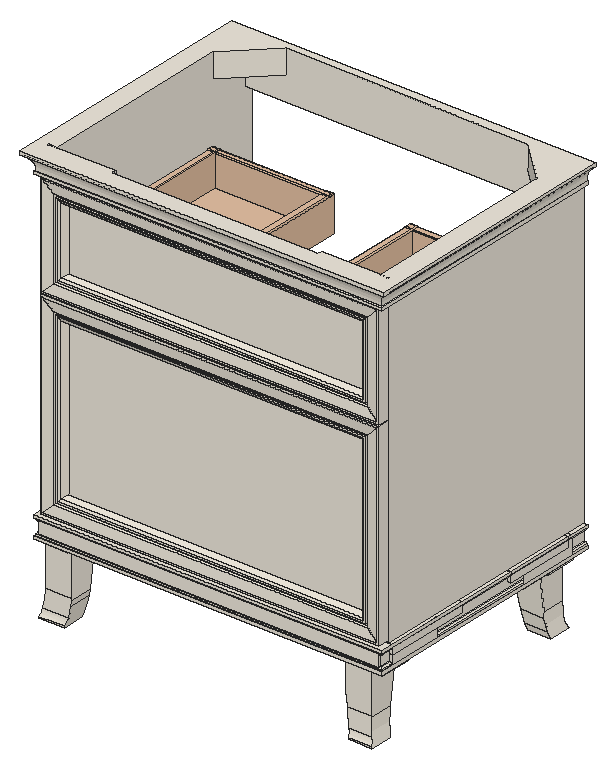
Revit family "Furniture-Floor_Mount-Vanity-KOHLER-Artifacts-K-29480_1", category Casework, host Face, Revit 2021
Family settings
  Host = Face
  OmniClass Number = 23.21.19.00
  Cut with Voids When Loaded = No
  Shared = No
  Room Calculation Point = No
Parameters (values of type "1WA-Linen White")
  Width = 30"  # constant formula
  WaterSense Certified = 1 = 0  # no
  URL = "https://www.us.kohler.com/us/"
  Type = 1
  Product Page URL = "http://www.us.kohler.com/us/catalog/productDetails.jsp?productNumber=29480"
  Product Name = "Artifacts"  # constant formula
  Product Documentation Link = "https://www.us.kohler.com/webassets/kpna/catalog/pdf/en/K-29480_spec_US-CA_Kohler_en.pdf"
  Model = if(Type = 1, "K-29480-1WA", if(Type = 2, "K-29480-1WX", if(Type = 3, "K-29480-AGA", if(Type = 4, "K-29480-BWK", if(Type = 5, "K-29480-WEK", "NA")))))  # "K-29480-1WA"
  Material = "Solid Wood\r\n"  # constant formula
  Master Format 2014 Name = "Bathroom Casework"  # constant formula
  Master Format 2014 = "12 35 30.23"  # constant formula
  Manufacturer Address = "444 Highland Dr, Kohler, WI 53044"  # constant formula
  Manufacturer = "Kohler Co."  # constant formula
  Product Finish = Kohler-Wood-1WA-Linen_White
  Height = 34 155/256"  # constant formula
  Hardware Included = 0 = 1  # no
  Finish = if(Type = 1, "Kohler-Wood-1WA-Linen White", if(Type = 2, "Kohler-Wood-1WX-New_Dark_Grey", if(Type = 3, "KOHLER-Wood-AGA-Ash_Grey", if(Type = 4, "KOHLER-Wood-BWK-Carbon_Oak", if(Type = 5, "KOHLER-Wood-WEK-Weathered_Oak", "NA")))))  # "Kohler-Wood-1WA-Linen White"
  Environmental Product Declaration = ""
  Description = "30 inch vanity"  # constant formula
  Depth = 21 57/64"  # constant formula
  Default Elevation = 0"
  Declare Label = ""
  Date Modified = "11/04/2023"  # constant formula
  Date Created = "11/04/2023"  # constant formula
  Copyright = "Copyright Kohler Co."  # constant formula
  Contact Us = "https://www.us.kohler.com/us/static/contact.jsp"
  Construction Type = ""
  Assembly Code = "E2010.30"
  ADA Compliant = 1 = 0  # no
Reference planes (in)
  plane 1 "Center (Front/Back)": y = 0
  plane 2: z = 0
  plane 3 "Center (Left/Right)": x = 0
  plane 4: y = 10.94488
  plane 5: y = -10.94574
  plane 6: y = 9.64567
  plane 7: y = -9.96134
  plane 8: y = -9.2126
  plane 9: y = 9.2126
  plane 10: z = 34.60547
  plane 11: z = 30.66929
  plane 12: z = 12.28346
  plane 13: z = 0.11811
  plane 14: x = -15
  plane 15: x = -13.34646
  plane 16: x = 15
  plane 17: x = 13.34646
  plane 18: x = 10.35433
Dimensions and locks (in)
  "Depth": plane 4 to plane 5
  "Height": plane 10 to level
  plane 11 to plane 12 to plane 13 = 18.38583", 12.16535"
  plane 9 to plane 8 = 18.4252"
  plane 7 to plane 5 = 0.9844"
  "Width": plane 14 to plane 16
  aligned and locked: plane 2 to host face
  aligned and locked: level to host face
Automatic sketch dimensions
  host sketch curve to host sketch curve = 96"  (x2)
Nested families (in)
  nested 1: "K-29480" at (0, 0, 0), type "K-29480"
Definition of nested family "K-29480"
  Parameters (values of type "K-29480")
    Material = none
    Default Elevation = 0"
  Reference planes (in)
    plane 1 "Center (Front/Back)": y = 0
    plane 2: z = 0
    plane 3 "Center (Left/Right)": x = 0
    plane 4: y = 10.94488
    plane 5: y = -10.94488
    plane 6: y = -9.96048
    plane 7: y = 9.64567
    plane 8: y = 9.2126
    plane 9: y = -9.2126
    plane 10: z = 0.11811
    plane 11: z = 34.6063
    plane 12: x = -15
    plane 13 "a": x = -13.34646
    plane 14: x = 10.35433
    plane 15: z = 12.28346
    plane 16: z = 30.66929
    plane 17: x = 15
    plane 18 "b": x = 13.34646
  Forms (in)
    Extrusion 1, solid, material <- "Material", detail levels medium+fine
      sketch origin (0, 0, 0) x (1, 0, 0) y (0, 1, 0)
        loop
          line (-14.17342, -10.27523) -> (-11.4961, -10.27523) -> (-11.4961, -7.59828) -> (-14.17342, -7.59828) -> (-14.17342, -10.27523)
        loop
          line (-14.17342, 10.05931) -> (-14.17342, 7.25247) -> (-11.4961, 7.25247) -> (-11.4961, 10.05931) -> (-14.17342, 10.05931)
        loop
          line (13.7405, -10.27523) -> (13.7405, -7.59828) -> (11.06318, -7.59828) -> (11.06318, -10.27523) -> (13.7405, -10.27523)
        loop
          line (13.7405, 10.05939) -> (11.06318, 10.05939) -> (11.06318, 7.25249) -> (13.7405, 7.25249) -> (13.7405, 10.05939)
      from 0.13072 to 5.82787
    Extrusion 2, void
      sketch origin (0, 0, 0) x (0, 1, 0) y (0, 0, 1)
        loop
          line (10.15733, 5.82787) -> (9.64542, 5.82787) -> (9.64542, 2.28457)
          arc (9.64542, 2.28457) -> (9.6699, 1.54159) -> (9.74321, 0.80184) r 11.29048
          arc (9.74321, 0.80184) -> (9.81843, 0.50664) -> (9.96048, 0.23716) r 1.29592
          line (9.96048, 0.23716) -> (9.96048, 0.04031) -> (10.15733, 0.04031) -> (10.15733, 5.82787)
        loop
          line (7.83386, 1.67415) -> (7.25247, 5.82787) -> (6.85877, 5.82787) -> (6.85877, 0.04031) -> (8.17174, 0.04031)
          arc (8.17174, 0.04031) -> (8.08741, 0.36551) -> (8.01089, 0.69263) r 14.02611
          arc (8.01089, 0.69263) -> (7.91271, 1.18165) -> (7.83386, 1.67415) r 12.6683
        loop
          line (-10.47117, 5.82787) -> (-10.47117, 0.04031) -> (-10.27432, 0.04031) -> (-10.27432, 0.23716)
          arc (-10.27432, 0.23716) -> (-10.13227, 0.50664) -> (-10.05705, 0.80184) r 1.29592
          arc (-10.05705, 0.80184) -> (-9.98374, 1.54159) -> (-9.95926, 2.28457) r 11.29048
          line (-9.95926, 2.28457) -> (-9.95926, 5.82787) -> (-10.47117, 5.82787)
        loop
          arc (-8.1477, 1.67415) -> (-8.22655, 1.18165) -> (-8.32473, 0.69263) r 12.6683
          arc (-8.32473, 0.69263) -> (-8.40125, 0.36551) -> (-8.48558, 0.04031) r 14.02611
          line (-8.48558, 0.04031) -> (-7.17261, 0.04031) -> (-7.17261, 5.82787) -> (-7.56631, 5.82787) -> (-8.1477, 1.67415)
      from -15.52011 to 15.81409
    Extrusion 3, void
      sketch origin (0, 0, 0) x (1, 0, 0) y (0, 0, 1)
        loop
          line (-14.17342, 5.82749) -> (-14.17342, 0.11811) -> (-13.97657, 0.11811)
          arc (-13.97657, 0.11811) -> (-13.74067, 1.14001) -> (-13.66144, 2.18578) r 6.94091
          line (-13.66144, 2.18578) -> (-13.66144, 5.82749) -> (-14.17342, 5.82749)
        loop
          line (-11.8701, 0.11905) -> (-10.689, 0.11905) -> (-10.689, 5.82749) -> (-10.99887, 5.82749) -> (-10.99887, 5.62769) -> (-11.55451, 1.67415)
          arc (-11.55451, 1.67415) -> (-11.68874, 0.89182) -> (-11.8701, 0.11905) r 13.10105
        loop
          line (13.7405, 5.82749) -> (13.22852, 5.82749) -> (13.22852, 2.18578)
          arc (13.22852, 2.18578) -> (13.30775, 1.14001) -> (13.54365, 0.11811) r 6.94091
          line (13.54365, 0.11811) -> (13.7405, 0.11811) -> (13.7405, 5.82749)
        loop
          arc (11.62862, 0.11905) -> (11.44726, 0.89182) -> (11.31303, 1.67415) r 13.10105
          line (11.31303, 1.67415) -> (10.75739, 5.62769) -> (10.75739, 5.82749) -> (10.44752, 5.82749) -> (10.44752, 0.11905) -> (11.62862, 0.11905)
      from -12.54667 to 11.11618
    Sweep 4, solid, material <- "Material", detail levels medium+fine
      path origin (0, 0, 0) x (1, 0, 0) y (0, 1, 0)
        loop
          line (-15, 10.94488) -> (-15, -10.94488) -> (15, -10.94488) -> (15, 10.94488)
      profile origin (-15, 0, 0) x (1, 0, 0) y (0, 0, 1)
        loop
          line (0.74769, 7.40268) -> (0.74769, 7.28457)
          arc (0.74769, 7.28457) -> (0.79808, 7.23285) -> (0.82643, 7.16645) r 0.19685
          line (0.82643, 7.16645) -> (0.94454, 7.16645) -> (0.94454, 6.30031) -> (0.82643, 6.30031)
          arc (0.82643, 6.30031) -> (0.79808, 6.23391) -> (0.74769, 6.1822) r 0.19685
          line (0.74769, 6.1822) -> (0.74769, 6.06409) -> (0.62957, 6.06409) -> (0.62957, 5.82787) -> (1.89012, 5.82787) -> (1.89012, 7.6389) -> (0.62957, 7.6389) -> (0.62957, 7.40268) -> (0.74769, 7.40268)
    Extrusion 5, solid, material <- "Material", detail levels medium+fine
      sketch origin (0, 0, 0) x (1, 0, 0) y (0, 1, 0)
        loop
          line (-13.10954, -9.2126) -> (13.04561, -9.2126) -> (13.04561, 9.29134) -> (-13.10954, 9.29134) -> (-13.10954, -9.2126)
        loop
          line (13.99119, 10.23622) -> (-14.05512, 10.23622) -> (-14.05512, -10.15748) -> (13.99119, -10.15748) -> (13.99119, 10.23622)
      from 5.82787 to 7.6389
    Extrusion 6, solid, material <- "Material", detail levels medium+fine
      sketch origin (0, 0, 0) x (1, 0, 0) y (0, 1, 0)
        loop
          line (-12.41377, 9.64542) -> (-14.40964, 9.64542) -> (-14.40964, 7.11219) -> (-12.73941, 5.44196)
          arc (-12.73941, 5.44196) -> (-12.60011, 5.38426) -> (-12.46081, 5.44196) r 0.197
          line (-12.46081, 5.44196) -> (-10.20608, 7.6967)
          arc (-10.20608, 7.6967) -> (-10.14838, 7.836) -> (-10.20608, 7.9753) r 0.197
          line (-10.20608, 7.9753) -> (-11.8762, 9.64542) -> (-12.41377, 9.64542)
        loop
          circle (-11.31953, 8.39277) r 0.17717
        loop
          circle (-11.33344, 7.37666) r 0.17717
        loop
          circle (-12.14077, 6.56933) r 0.17717
        loop
          circle (-13.15689, 6.55541) r 0.17717
        loop
          line (-12.41377, -9.96038) -> (-11.8762, -9.96038) -> (-10.20608, -8.29026)
          arc (-10.20608, -8.29026) -> (-10.14838, -8.15096) -> (-10.20608, -8.01166) r 0.197
          line (-10.20608, -8.01166) -> (-12.46081, -5.75692)
          arc (-12.46081, -5.75692) -> (-12.60011, -5.69922) -> (-12.73941, -5.75692) r 0.197
          line (-12.73941, -5.75692) -> (-14.40964, -7.42714) -> (-14.40964, -9.96038) -> (-12.41377, -9.96038)
        loop
          circle (-11.31953, -8.70773) r 0.17717
        loop
          circle (-11.33344, -7.69161) r 0.17717
        loop
          circle (-12.14077, -6.88429) r 0.17717
        loop
          circle (-13.15689, -6.87037) r 0.17717
        loop
          line (12.17755, 9.64542) -> (11.63998, 9.64542) -> (9.96986, 7.9753)
          arc (9.96986, 7.9753) -> (9.91216, 7.836) -> (9.96986, 7.6967) r 0.197
          line (9.96986, 7.6967) -> (12.22459, 5.44196)
          arc (12.22459, 5.44196) -> (12.36389, 5.38426) -> (12.50319, 5.44196) r 0.197
          line (12.50319, 5.44196) -> (14.17342, 7.11219) -> (14.17342, 9.64542) -> (12.17755, 9.64542)
        loop
          circle (11.08331, 8.39277) r 0.17717
        loop
          circle (11.09722, 7.37666) r 0.17717
        loop
          circle (11.90455, 6.56933) r 0.17717
        loop
          circle (12.92067, 6.55541) r 0.17717
        loop
          line (12.17755, -9.96038) -> (14.17342, -9.96038) -> (14.17342, -7.42714) -> (12.50319, -5.75692)
          arc (12.50319, -5.75692) -> (12.36389, -5.69922) -> (12.22459, -5.75692) r 0.197
          line (12.22459, -5.75692) -> (9.96986, -8.01166)
          arc (9.96986, -8.01166) -> (9.91216, -8.15096) -> (9.96986, -8.29026) r 0.197
          line (9.96986, -8.29026) -> (11.63998, -9.96038) -> (12.17755, -9.96038)
        loop
          circle (11.08331, -8.70773) r 0.17717
        loop
          circle (11.09722, -7.69161) r 0.17717
        loop
          circle (11.90455, -6.88429) r 0.17717
        loop
          circle (12.92067, -6.87037) r 0.17717
      from 5.55302 to 5.82787
    Extrusion 7, solid, material <- "Material", detail levels medium+fine
      sketch origin (0, 0, 0) x (1, 0, 0) y (0, 1, 0)
        loop
          line (-8.54431, -9.2126) -> (-13.10988, -4.64703) -> (-13.10988, -9.2126) -> (-8.54431, -9.2126)
        loop
          line (9.80486, -9.2126) -> (14.37043, -9.2126) -> (14.37043, -4.64703) -> (9.80486, -9.2126)
        loop
          line (-13.10988, 4.33207) -> (-8.15061, 9.29134) -> (-13.10988, 9.29134) -> (-13.10988, 4.33207)
        loop
          line (9.41116, 9.29134) -> (14.37043, 4.33207) -> (14.37043, 9.29134) -> (9.41116, 9.29134)
      from 5.82787 to 7.6389
    Extrusion 8, solid, material <- "Material"
      sketch origin (0, 0, 0) x (1, 0, 0) y (0, 1, 0)
        loop
          line (-14.37043, 9.64542) -> (-14.37043, -9.2126) -> (13.10988, -9.2126) -> (13.10988, 9.64542) -> (-14.37043, 9.64542)
      from 7.40268 to 7.6389
    Extrusion 9, solid, material <- "Material", detail levels medium+fine
      sketch origin (0, 0, 0) x (1, 0, 0) y (0, 1, 0)
        loop
          line (-13.10988, 2.99164) -> (-12.32248, 2.99164) -> (-12.32248, 8.89764) -> (-13.10988, 8.89764) -> (-13.10988, 2.99164)
        loop
          line (13.58303, 2.99164) -> (14.37043, 2.99164) -> (14.37043, 8.89764) -> (13.58303, 8.89764) -> (13.58303, 2.99164)
        loop
          line (-13.10988, -2.04676) -> (-13.10988, -9.2126) -> (-12.32248, -9.2126) -> (-12.32248, -2.04676) -> (-13.10988, -2.04676)
        loop
          line (13.58303, -2.04676) -> (13.58303, -9.2126) -> (14.37043, -9.2126) -> (14.37043, -2.04676) -> (13.58303, -2.04676)
      from 6.85149 to 7.6389
    Sweep 10, solid, material <- "Material"
      path origin (0, 0, 0) x (1, 0, 0) y (0, 0, 1)
        loop
          line (-13.937, 23.9769) -> (-13.937, 7.7569) -> (13.937, 7.7569) -> (13.937, 23.9769) -> (-13.937, 23.9769)
      profile origin (-13.937, 0, 15.8669) x (0, -1, 0) y (1, 0, 0)
        loop
          line (9.2126, 1.77161) -> (9.2126, 0) -> (10.118, 0) -> (10.118, 0.11811) -> (9.99989, 0.98425) -> (9.8519, 1.00394) -> (9.8519, 1.1811) -> (9.99989, 1.1811) -> (9.99989, 1.29921) -> (9.90146, 1.49606) -> (9.2126, 1.77161)
    Sweep 11, solid, material <- "Material"
      path origin (0, 0, 17.32283) x (1, 0, 0) y (0, 0, 1)
        loop
          line (-13.937, 15.35504) -> (-13.937, 6.77206) -> (13.937, 6.77206) -> (13.937, 15.35504) -> (-13.937, 15.35504)
      profile origin (-13.937, 0, 28.38638) x (0, -1, 0) y (1, 0, 0)
        loop
          line (9.2126, 1.77161) -> (9.2126, 0) -> (10.118, 0) -> (10.118, 0.11811) -> (9.99989, 0.98425) -> (9.8519, 1.00394) -> (9.8519, 1.1811) -> (9.99989, 1.1811) -> (9.99989, 1.29921) -> (9.90146, 1.49606) -> (9.2126, 1.77161)
    Extrusion 12, solid, material <- "Material"
      sketch origin (0, 0, 0) x (1, 0, 0) y (0, 1, 0)
        loop
          line (-14.06496, 10.94488) -> (-14.06496, -9.17323) -> (-13.3563, -9.17323) -> (-13.3563, 10.94488) -> (-14.06496, 10.94488)
        loop
          line (14.05512, -9.17323) -> (14.05512, 10.94488) -> (13.34612, 10.94488) -> (13.34612, -9.17323) -> (14.05512, -9.17323)
      from 7.6389 to 34.6074
    Extrusion 13, solid, material <- "Material"
      sketch origin (0, 0, 0) x (1, 0, 0) y (0, 0, 1)
        loop
          line (-13.10988, 25.55333) -> (13.10988, 25.55333) -> (13.10988, 31.18181) -> (-13.10988, 31.18181) -> (-13.10988, 25.55333)
        loop
          line (13.10988, 22.29588) -> (-13.10988, 22.29588) -> (-13.10988, 9.30651) -> (13.10988, 9.30651) -> (13.10988, 22.29588)
      from 9.2126 to 9.39595
    Sweep 14, solid, material <- "Material"
      path origin (0, 0, 0) x (1, 0, 0) y (0, 1, 0)
        loop
          line (-15, 10.94488) -> (-15, -10.94488) -> (15, -10.94488) -> (15, 10.94488)
      profile origin (-15, 0, 0) x (1, 0, 0) y (0, 0, 1)
        loop
          line (0.94488, 34.6074) -> (0, 34.6074) -> (0, 34.29244)
          arc (0, 34.29244) -> (0.54943, 33.76669) -> (0.74803, 33.03262) r 1.41732
          line (0.74803, 33.03262) -> (0.62992, 33.03262) -> (0.62992, 32.7964) -> (0.94488, 32.7964) -> (0.94488, 34.6074)
    Extrusion 15, solid, material <- "Material"
      sketch origin (0, 0, 0) x (1, 0, 0) y (0, 0, 1)
        loop
          line (-13.3563, 12.28457) -> (-13.3563, 7.6389) -> (13.34612, 7.6389) -> (13.34612, 12.28457) -> (-13.3563, 12.28457)
        loop
          line (-13.3563, 30.67039) -> (13.34612, 30.67039) -> (13.34612, 32.79638) -> (14.05478, 32.79638) -> (14.05478, 34.6074) -> (-14.06496, 34.6074) -> (-14.06496, 32.79638) -> (-13.3563, 32.79638) -> (-13.3563, 30.67039)
      from -10.94488 to -10.23622
    Extrusion 16, solid
      sketch origin (0, 0, 0) x (1, 0, 0) y (0, 1, 0)
        loop
          line (13.11024, -9.2126) -> (13.11024, 6.61428) -> (-13.08614, 6.61428) -> (-13.08614, -8.74005) -> (-13.08784, -9.2126) -> (13.11024, -9.2126)
        loop
          line (-12.49728, -8.74005) -> (12.51967, -8.74005) -> (12.51967, 6.02373) -> (-12.49728, 6.02373) -> (-12.49728, -8.74005)
      from 10.5066 to 15.69557
    Extrusion 17, void
      sketch origin (0, 0, 0) x (1, 0, 0) y (0, 0, 1)
        loop
          line (3.18898, 13.46605) -> (3.18898, 17.48136) -> (-3.18898, 17.48136) -> (-3.18898, 13.46605)
          arc (-3.18898, 13.46605) -> (-3.07366, 13.18766) -> (-2.79528, 13.07235) r 0.3937
          line (-2.79528, 13.07235) -> (2.79528, 13.07235)
          arc (2.79528, 13.07235) -> (3.07366, 13.18766) -> (3.18898, 13.46605) r 0.3937
      from -9.29134 to -4.33207
    Extrusion 18, solid
      sketch origin (0, 0, 0) x (1, 0, 0) y (0, 1, 0)
        loop
          line (12.63746, 6.02375) -> (-12.64764, 6.02375) -> (-12.64764, -9.21273) -> (12.63746, -9.21273) -> (12.63746, 6.02375)
      from 9.30651 to 10.5066
    Extrusion 19, solid
      sketch origin (0, 0, 0) x (1, 0, 0) y (0, 0, 1)
        loop
          arc (13.1099, 27.79296) -> (13.08604, 27.85056) -> (13.02843, 27.87442) r 0.08146
          line (13.02843, 27.87442) -> (12.59809, 27.87442)
          arc (12.59809, 27.87442) -> (12.54241, 27.85136) -> (12.51935, 27.79568) r 0.07874
          line (12.51935, 27.79568) -> (12.51935, 24.8823) -> (13.1099, 24.8823) -> (13.1099, 27.79296)
        loop
          arc (3.77956, 27.79296) -> (3.7557, 27.85056) -> (3.6981, 27.87442) r 0.08146
          line (3.6981, 27.87442) -> (3.26775, 27.87442)
          arc (3.26775, 27.87442) -> (3.21207, 27.85136) -> (3.18901, 27.79568) r 0.07874
          line (3.18901, 27.79568) -> (3.18901, 24.8823) -> (3.77956, 24.8823) -> (3.77956, 27.79296)
        loop
          arc (-3.1849, 27.79296) -> (-3.20876, 27.85056) -> (-3.26637, 27.87442) r 0.08146
          line (-3.26637, 27.87442) -> (-3.69671, 27.87442)
          arc (-3.69671, 27.87442) -> (-3.75239, 27.85136) -> (-3.77545, 27.79568) r 0.07874
          line (-3.77545, 27.79568) -> (-3.77545, 24.8823) -> (-3.1849, 24.8823) -> (-3.1849, 27.79296)
        loop
          arc (-12.51524, 27.79296) -> (-12.5391, 27.85056) -> (-12.59671, 27.87442) r 0.08146
          line (-12.59671, 27.87442) -> (-13.02705, 27.87442)
          arc (-13.02705, 27.87442) -> (-13.08273, 27.85136) -> (-13.10579, 27.79568) r 0.07874
          line (-13.10579, 27.79568) -> (-13.10579, 24.8823) -> (-12.51524, 24.8823) -> (-12.51524, 27.79296)
      from -6.61428 to 8.74005
    Extrusion 20, solid, detail levels medium+fine
      sketch origin (0, 0, 0) x (0, 1, 0) y (0, 0, 1)
        loop
          line (-9.3306, 27.79568) -> (-9.3306, 24.8823) -> (-8.74005, 24.8823) -> (-8.74005, 27.79568)
          arc (-8.74005, 27.79568) -> (-8.76311, 27.85136) -> (-8.81879, 27.87442) r 0.07874
          line (-8.81879, 27.87442) -> (-9.25186, 27.87442)
          arc (-9.25186, 27.87442) -> (-9.30754, 27.85136) -> (-9.3306, 27.79568) r 0.07874
      from -13.10988 to 13.10988
    Extrusion 21, solid
      sketch origin (0.19651, 0.02926, 0.02634) x (0, 1, 0) y (0, 0, 1)
        loop
          arc (-4.40934, 27.87442) -> (-4.46502, 27.85136) -> (-4.48808, 27.79568) r 0.07874
          line (-4.48808, 27.79568) -> (-4.48808, 24.8823) -> (-3.89753, 24.8823) -> (-3.89753, 27.79568)
          arc (-3.89753, 27.79568) -> (-3.92059, 27.85136) -> (-3.97627, 27.87442) r 0.07874
          line (-3.97627, 27.87442) -> (-4.40934, 27.87442)
      from -3.38549 to 2.99246
    Extrusion 22, solid
      sketch origin (0.19651, 0, 0) x (0, 1, 0) y (0, 0, 1)
        loop
          line (6.02375, 24.8823) -> (6.61428, 24.8823) -> (6.61428, 27.79568)
          arc (6.61428, 27.79568) -> (6.59122, 27.85136) -> (6.53554, 27.87442) r 0.07874
          line (6.53554, 27.87442) -> (6.10249, 27.87442)
          arc (6.10249, 27.87442) -> (6.04682, 27.85136) -> (6.02375, 27.79568) r 0.07874
          line (6.02375, 27.79568) -> (6.02375, 24.8823)
      from -13.30675 to -3.38549
    Extrusion 23, solid
      sketch origin (0.19651, 0, 0) x (0, 1, 0) y (0, 0, 1)
        loop
          line (6.02375, 24.8823) -> (6.61428, 24.8823) -> (6.61428, 27.79568)
          arc (6.61428, 27.79568) -> (6.59122, 27.85136) -> (6.53554, 27.87442) r 0.07874
          line (6.53554, 27.87442) -> (6.10249, 27.87442)
          arc (6.10249, 27.87442) -> (6.04682, 27.85136) -> (6.02375, 27.79568) r 0.07874
          line (6.02375, 27.79568) -> (6.02375, 24.8823)
      from 2.99246 to 12.91372
    Extrusion 24, solid
      sketch origin (0, 0, 0) x (1, 0, 0) y (0, 1, 0)
        loop
          line (13.10988, 6.22058) -> (3.54058, 6.22058) -> (3.54058, -8.9369) -> (13.10988, -8.9369) -> (13.10988, 6.22058)
        loop
          line (-3.54603, 6.22058) -> (-13.10988, 6.22058) -> (-13.10988, -8.9369) -> (-3.54603, -8.9369) -> (-3.54603, 6.22058)
      from 24.8823 to 25.276
    Extrusion 25, void
      sketch origin (0, 0, 0) x (1, 0, 0) y (0, 0, 1)
        loop
          arc (-1.75803, 28.44226) -> (-0.00003, 26.89017) -> (1.75796, 28.44226) r 1.77165
          line (1.75796, 28.44226) -> (-1.75803, 28.44226)
      from 0 to 5.66929
    Extrusion 26, solid, detail levels medium+fine
      sketch origin (0, 0, -0.19685) x (1, 0, 0) y (0, 0, 1)
        loop
          line (12.48031, 25.35474) -> (11.29675, 25.35474) -> (11.29675, 24.65917) -> (11.47882, 24.65917) -> (11.47882, 24.71495) -> (11.36047, 24.71495) -> (11.36047, 25.3055) -> (12.42653, 25.3055) -> (12.42653, 24.73422) -> (12.28346, 24.73422) -> (12.28346, 24.68191) -> (12.48031, 24.68191) -> (12.48031, 25.35474)
        loop
          line (11.51607, 24.46518) -> (11.31922, 24.46518) -> (11.31922, 24.3809) -> (11.59174, 24.3809) -> (11.59174, 24.8823) -> (11.51607, 24.8823) -> (11.51607, 24.46518)
        loop
          line (12.24783, 24.8823) -> (12.18502, 24.8823) -> (12.18502, 24.58093) -> (11.89489, 24.58093) -> (11.89489, 24.50765) -> (12.24783, 24.50765) -> (12.24783, 24.8823)
        loop
          line (-12.54803, 25.35474) -> (-12.54803, 24.68191) -> (-12.35118, 24.68191) -> (-12.35118, 24.73422) -> (-12.49425, 24.73422) -> (-12.49425, 25.3055) -> (-11.42819, 25.3055) -> (-11.42819, 24.71495) -> (-11.54653, 24.71495) -> (-11.54653, 24.65917) -> (-11.36447, 24.65917) -> (-11.36447, 25.35474) -> (-12.54803, 25.35474)
        loop
          line (-11.58379, 24.46518) -> (-11.58379, 24.8823) -> (-11.65946, 24.8823) -> (-11.65946, 24.3809) -> (-11.38694, 24.3809) -> (-11.38694, 24.46518) -> (-11.58379, 24.46518)
        loop
          line (-12.31555, 24.8823) -> (-12.31555, 24.50765) -> (-11.9626, 24.50765) -> (-11.9626, 24.58093) -> (-12.25274, 24.58093) -> (-12.25274, 24.8823) -> (-12.31555, 24.8823)
        loop
          line (12.48031, 10.40031) -> (11.29675, 10.40031) -> (11.29675, 9.70474) -> (11.47882, 9.70474) -> (11.47882, 9.76052) -> (11.36047, 9.76052) -> (11.36047, 10.35107) -> (12.42653, 10.35107) -> (12.42653, 9.77979) -> (12.28346, 9.77979) -> (12.28346, 9.72748) -> (12.48031, 9.72748) -> (12.48031, 10.40031)
        loop
          line (11.51607, 9.51075) -> (11.31922, 9.51075) -> (11.31922, 9.42647) -> (11.59174, 9.42647) -> (11.59174, 9.92787) -> (11.51607, 9.92787) -> (11.51607, 9.51075)
        loop
          line (12.24783, 9.92787) -> (12.18502, 9.92787) -> (12.18502, 9.6265) -> (11.89489, 9.6265) -> (11.89489, 9.55322) -> (12.24783, 9.55322) -> (12.24783, 9.92787)
        loop
          line (-12.54803, 10.40031) -> (-12.54803, 9.72748) -> (-12.35118, 9.72748) -> (-12.35118, 9.77979) -> (-12.49425, 9.77979) -> (-12.49425, 10.35107) -> (-11.42819, 10.35107) -> (-11.42819, 9.76052) -> (-11.54653, 9.76052) -> (-11.54653, 9.70474) -> (-11.36447, 9.70474) -> (-11.36447, 10.40031) -> (-12.54803, 10.40031)
        loop
          line (-11.58379, 9.51075) -> (-11.58379, 9.92787) -> (-11.65946, 9.92787) -> (-11.65946, 9.42647) -> (-11.38694, 9.42647) -> (-11.38694, 9.51075) -> (-11.58379, 9.51075)
        loop
          line (-12.31555, 9.92787) -> (-12.31555, 9.55322) -> (-11.9626, 9.55322) -> (-11.9626, 9.6265) -> (-12.25274, 9.6265) -> (-12.25274, 9.92787) -> (-12.31555, 9.92787)
      from -7.15759 to 8.74005
    Extrusion 27, solid, material <- "Material"
      sketch origin (0, 0, 0) x (1, 0, 0) y (0, 1, 0)
        loop
          line (10.00591, 10.23622) -> (13.34646, 6.89567) -> (13.34646, 10.23622) -> (10.00591, 10.23622)
        loop
          line (-10.00591, 10.23622) -> (-13.39347, 10.23622) -> (-13.39347, 6.84865) -> (-10.00591, 10.23622)
        loop
          line (14.05512, -9.2126) -> (8.50382, -9.2126) -> (8.50382, -9.40945)
          arc (8.50382, -9.40945) -> (8.44616, -9.54864) -> (8.30697, -9.6063) r 0.19685
          line (8.30697, -9.6063) -> (-8.3072, -9.6063)
          arc (-8.3072, -9.6063) -> (-8.4464, -9.54864) -> (-8.50406, -9.40945) r 0.19685
          line (-8.50406, -9.40945) -> (-8.50406, -9.2126) -> (-14.05512, -9.2126) -> (-14.05512, -10) -> (14.05512, -10) -> (14.05512, -9.2126)
      from 32.67787 to 34.6074
    Revolve 28, solid, detail levels medium+fine
      sketch origin (12.47047, -180, 54.75956) x (0, 0, 1) y (0, 1, 0)
        loop
          line (-54.75956, 189.2126) -> (-54.29455, 189.2126) -> (-54.29455, 189.64567) -> (-54.69443, 189.56794)
          arc (-54.69443, 189.56794) -> (-54.74118, 189.54013) -> (-54.75956, 189.48893) r 0.08049
          line (-54.75956, 189.48893) -> (-54.75956, 189.2126)
        axis (-54.75956, 189.2126) -> (-54.29455, 189.2126)
      angle from 0 to 360
    Revolve 29, solid, detail levels medium+fine
      sketch origin (-12.76575, 180, 54.75956) x (0, 0, 1) y (0, -1, 0)
        loop
          line (-54.75956, 189.2126) -> (-54.29455, 189.2126) -> (-54.29455, 189.64567) -> (-54.69443, 189.56794)
          arc (-54.69443, 189.56794) -> (-54.74118, 189.54013) -> (-54.75956, 189.48893) r 0.08049
          line (-54.75956, 189.48893) -> (-54.75956, 189.2126)
        axis (-54.75956, 189.2126) -> (-54.29455, 189.2126)
      angle from 0 to 360
    Extrusion 30, solid, material <- "Material", detail levels coarse
      sketch origin (0, 0, 0) x (1, 0, 0) y (0, 1, 0)
        loop
          line (-10.82711, 9.96048) -> (-14.37042, 9.96048) -> (-14.37042, 6.81156) -> (-10.82711, 6.81156) -> (-10.82711, 9.96048)
        loop
          line (10.63011, 9.96048) -> (10.63011, 6.81156) -> (14.17342, 6.81156) -> (14.17342, 9.96048) -> (10.63011, 9.96048)
        loop
          line (-10.82711, -9.96048) -> (-10.82711, -6.81156) -> (-14.37042, -6.81156) -> (-14.37042, -9.96048) -> (-10.82711, -9.96048)
        loop
          line (10.63011, -9.96048) -> (14.17342, -9.96048) -> (14.17342, -6.81156) -> (10.63011, -6.81156) -> (10.63011, -9.96048)
      from 0 to 6.06409
    Revolve 31, solid, detail levels medium+fine
      sketch origin (12.47047, 180, 54.75956) x (0, 0, 1) y (0, 1, 0)
        loop
          line (-54.75956, -189.2126) -> (-54.75956, -189.48893)
          arc (-54.75956, -189.48893) -> (-54.74118, -189.54013) -> (-54.69443, -189.56794) r 0.08049
          line (-54.69443, -189.56794) -> (-54.29455, -189.64567) -> (-54.29455, -189.2126) -> (-54.75956, -189.2126)
        axis (-54.75956, -189.2126) -> (-54.29455, -189.2126)
      angle from 0 to 360
    Revolve 32, solid, detail levels medium+fine
      sketch origin (-12.76575, -180, 54.75956) x (0, 0, 1) y (0, -1, 0)
        loop
          line (-54.75956, -189.2126) -> (-54.75956, -189.48893)
          arc (-54.75956, -189.48893) -> (-54.74118, -189.54013) -> (-54.69443, -189.56794) r 0.08049
          line (-54.69443, -189.56794) -> (-54.29455, -189.64567) -> (-54.29455, -189.2126) -> (-54.75956, -189.2126)
        axis (-54.75956, -189.2126) -> (-54.29455, -189.2126)
      angle from 0 to 360
    Extrusion 33, solid, material <- "Material", detail levels coarse
      sketch origin (0, 0, 0) x (1, 0, 0) y (0, 1, 0)
        loop
          line (14.37043, 10.94488) -> (-14.40964, 10.94488) -> (-14.40964, -10.31532) -> (14.37043, -10.31532) -> (14.37043, 10.94488)
        loop
          line (13.34612, 10.23622) -> (-13.3563, 10.23622) -> (-13.3563, -9.2126) -> (13.34612, -9.2126) -> (13.34612, 10.23622)
      from 5.82787 to 7.6389
    Extrusion 34, void
      sketch origin (0, 0, 0) x (1, 0, 0) y (0, 0, 1)
        loop
          line (12.48031, 24.48506) -> (12.48031, 25.15789) -> (11.29675, 25.15789) -> (11.29675, 24.48506) -> (12.48031, 24.48506)
        loop
          line (-11.36447, 25.15789) -> (-12.54803, 25.15789) -> (-12.54803, 24.46232) -> (-11.36447, 24.46232) -> (-11.36447, 25.15789)
      from -8.11838 to 9.84252
  Cuts and joins
    Extrusion 2, Extrusion 3 cuts Extrusion 1
    joined: Extrusion 1, Sweep 4, Extrusion 5
    Extrusion 17 cuts Extrusion 16
    Extrusion 25 cuts Extrusion 21
    joined: Revolve 28, Revolve 29
    Extrusion 34 cuts Extrusion 24
    Extrusion 34 cuts Extrusion 23
    Extrusion 34 cuts Extrusion 22
    joined: Extrusion 12, Sweep 14, Extrusion 15, Extrusion 27
    joined: Sweep 11, Extrusion 13
  Lines and regions (in)
    Masking region 1
      outline origin (0, 0, 0) x (1, 0, 0) y (0, 1, 0)
        loop
          line (-15, 10.94488) -> (-15, -10.94488) -> (15, -10.94488) -> (15, 10.94488) -> (-15, 10.94488)
    Masking region 2
      outline origin (0, 0, 0) x (1, 0, 0) y (0, 0, 1)
        loop
          line (-15, 34.6063) -> (-15, 34.29244)
          arc (-15, 34.29244) -> (-14.45057, 33.76669) -> (-14.25197, 33.03262) r 1.41732
          line (-14.25197, 33.03262) -> (-14.37008, 33.03262) -> (-14.37008, 32.7964) -> (-14.05512, 32.7964) -> (-14.05512, 7.6389) -> (-14.3701, 7.6389) -> (-14.3701, 7.4029) -> (-14.25209, 7.4029) -> (-14.25209, 7.28441)
          arc (-14.25209, 7.28441) -> (-14.20185, 7.23274) -> (-14.17357, 7.16645) r 0.19685
          line (-14.17357, 7.16645) -> (-14.05546, 7.16645) -> (-14.05546, 6.30031) -> (-14.17357, 6.30031)
          arc (-14.17357, 6.30031) -> (-14.20192, 6.23391) -> (-14.25231, 6.1822) r 0.19685
          line (-14.25231, 6.1822) -> (-14.25231, 6.06409) -> (-14.37042, 6.06409) -> (-14.37042, 5.82787) -> (-13.85846, 5.82787) -> (-13.85846, 2.18578)
          arc (-13.85846, 2.18578) -> (-13.87855, 1.54706) -> (-13.93877, 0.91088) r 10.15906
          arc (-13.93877, 0.91088) -> (-14.02071, 0.5617) -> (-14.17342, 0.23716) r 1.71659
          line (-14.17342, 0.23716) -> (-14.17342, 0.11811) -> (-13.71309, 0.11811) -> (-13.68503, 0.041)
          arc (-13.68503, 0.041) -> (-13.66221, 0.01127) -> (-13.62647, 0) r 0.06231
          line (-13.62647, 0) -> (-13.06644, 0)
          arc (-13.06644, 0) -> (-13.0307, 0.01127) -> (-13.00789, 0.041) r 0.06231
          line (-13.00789, 0.041) -> (-12.97982, 0.11811) -> (-12.36266, 0.11811)
          arc (-12.36266, 0.11811) -> (-12.26978, 0.44421) -> (-12.20265, 0.77657) r 4.34033
          line (-12.20265, 0.77657) -> (-11.97489, 2.18578) -> (-11.50166, 5.55302) -> (-9.5972, 5.55302) -> (-9.5972, 5.82787) -> (0, 5.82787) -> (9.5972, 5.82787) -> (9.5972, 5.55302) -> (11.50166, 5.55302) -> (11.97489, 2.18578) -> (12.20265, 0.77657)
          arc (12.20265, 0.77657) -> (12.26978, 0.44421) -> (12.36266, 0.11811) r 4.34033
          line (12.36266, 0.11811) -> (12.97982, 0.11811) -> (13.00789, 0.041)
          arc (13.00789, 0.041) -> (13.0307, 0.01127) -> (13.06644, 0) r 0.06231
          line (13.06644, 0) -> (13.62647, 0)
          arc (13.62647, 0) -> (13.66221, 0.01127) -> (13.68503, 0.041) r 0.06231
          line (13.68503, 0.041) -> (13.71309, 0.11811) -> (14.17342, 0.11811) -> (14.17342, 0.23716)
          arc (14.17342, 0.23716) -> (14.02071, 0.5617) -> (13.93877, 0.91088) r 1.71659
          arc (13.93877, 0.91088) -> (13.87855, 1.54706) -> (13.85846, 2.18578) r 10.15906
          line (13.85846, 2.18578) -> (13.85846, 5.82787) -> (14.37042, 5.82787) -> (14.37042, 6.06409) -> (14.25231, 6.06409) -> (14.25231, 6.1822)
          arc (14.25231, 6.1822) -> (14.20192, 6.23391) -> (14.17357, 6.30031) r 0.19685
          line (14.17357, 6.30031) -> (14.05546, 6.30031) -> (14.05546, 7.16645) -> (14.17357, 7.16645)
          arc (14.17357, 7.16645) -> (14.20185, 7.23274) -> (14.25209, 7.28441) r 0.19685
          line (14.25209, 7.28441) -> (14.25209, 7.4029) -> (14.3701, 7.4029) -> (14.3701, 7.6389) -> (14.05512, 7.6389) -> (14.05512, 32.7964) -> (14.37008, 32.7964) -> (14.37008, 33.03262) -> (14.25197, 33.03262)
          arc (14.25197, 33.03262) -> (14.45057, 33.76669) -> (15, 34.29244) r 1.41732
          line (15, 34.29244) -> (15, 34.6063) -> (0, 34.6063) -> (-15, 34.6063)
        loop
          line (-13.34646, 23.9769) -> (13.34646, 23.9769) -> (13.34646, 24.0949) -> (-13.34646, 24.0949) -> (-13.34646, 23.9769)
    Masking region 3
      outline origin (0, 0, 0) x (0, 1, 0) y (0, 0, 1)
        loop
          line (-10.94488, 34.6063) -> (-10.94488, 34.29244)
          arc (-10.94488, 34.29244) -> (-10.39545, 33.76669) -> (-10.19685, 33.03262) r 1.41732
          line (-10.19685, 33.03262) -> (-10.31496, 33.03262) -> (-10.31496, 32.79638) -> (-9.2126, 32.79638) -> (-9.2126, 32.67787) -> (-10.11957, 32.67787) -> (-10.11957, 24.0949) -> (-9.3306, 24.0949) -> (-9.3306, 24.8823) -> (-9.2126, 24.8823) -> (-9.2126, 24.0949) -> (-9.2126, 15.69985) -> (-9.3306, 15.69985) -> (-9.3306, 23.9769) -> (-10.118, 23.9769) -> (-10.118, 7.7569) -> (-9.3306, 7.7569) -> (-9.3306, 9.30651) -> (-9.2126, 9.30651) -> (-9.2126, 7.6389) -> (-10.4721, 7.6389) -> (-10.4721, 7.40259) -> (-10.35397, 7.40259) -> (-10.35397, 7.28456)
          arc (-10.35397, 7.28456) -> (-10.30379, 7.2328) -> (-10.27559, 7.16645) r 0.197
          line (-10.27559, 7.16645) -> (-10.15748, 7.16645) -> (-10.15748, 6.30031) -> (-10.27559, 6.30031)
          arc (-10.27559, 6.30031) -> (-10.30395, 6.23373) -> (-10.35444, 6.18187) r 0.197
          line (-10.35444, 6.18187) -> (-10.35444, 6.06387) -> (-10.47246, 6.06387) -> (-10.47246, 5.82787) -> (-9.95922, 5.82787) -> (-9.95922, 2.28457)
          arc (-9.95922, 2.28457) -> (-9.9837, 1.54159) -> (-10.05701, 0.80184) r 11.29048
          arc (-10.05701, 0.80184) -> (-10.13223, 0.50664) -> (-10.27428, 0.23716) r 1.29592
          line (-10.27428, 0.23716) -> (-10.27428, 0.11811) -> (-9.51265, 0.11811) -> (-9.46806, 0.02248)
          arc (-9.46806, 0.02248) -> (-9.45369, 0.0061) -> (-9.43278, 0) r 0.03893
          line (-9.43278, 0) -> (-9.2126, 0) -> (-8.99242, 0)
          arc (-8.99242, 0) -> (-8.9715, 0.0061) -> (-8.95714, 0.02248) r 0.03893
          line (-8.95714, 0.02248) -> (-8.91254, 0.11811) -> (-8.46352, 0.11811)
          arc (-8.46352, 0.11811) -> (-8.28538, 0.88161) -> (-8.15308, 1.65438) r 13.1434
          line (-8.15308, 1.65438) -> (-7.60475, 5.55302) -> (-5.69806, 5.55302) -> (-5.69806, 5.82787) -> (5.38426, 5.82787) -> (5.38426, 5.55302) -> (7.29095, 5.55302) -> (7.83928, 1.65438)
          arc (7.83928, 1.65438) -> (7.97158, 0.88161) -> (8.14972, 0.11811) r 13.1434
          line (8.14972, 0.11811) -> (8.91254, 0.11811) -> (8.95714, 0.02248)
          arc (8.95714, 0.02248) -> (8.9715, 0.0061) -> (8.99242, 0) r 0.03893
          line (8.99242, 0) -> (9.2126, 0) -> (9.43278, 0)
          arc (9.43278, 0) -> (9.45369, 0.0061) -> (9.46806, 0.02248) r 0.03893
          line (9.46806, 0.02248) -> (9.51265, 0.11811) -> (9.96048, 0.11811) -> (9.96048, 0.23716)
          arc (9.96048, 0.23716) -> (9.81843, 0.50664) -> (9.74321, 0.80184) r 1.29592
          arc (9.74321, 0.80184) -> (9.6699, 1.54159) -> (9.64542, 2.28457) r 11.29048
          line (9.64542, 2.28457) -> (9.64542, 5.82787) -> (10.94488, 5.82787) -> (10.94488, 34.6063) -> (-10.94488, 34.6063)
    symbolic lines, detail levels medium+fine
      curve 1: line (-14.05512, 10.94488, 0) -> (-14.05512, -10, 0)
      curve 2: line (-14.05512, -10, 0) -> (-15, -10.94488, 0)
      curve 3: line (-14.05512, -10, 0) -> (14.05512, -10, 0)
      curve 4: line (14.05512, -10, 0) -> (15, -10.94488, 0)
      curve 5: line (14.05512, -10, 0) -> (14.05512, 10.95562, 0)
      curve 6: line (-13.34646, 10.94488, 0) -> (-13.34646, -9.2126, 0)
      curve 7: line (-13.34646, -9.17323, 0) -> (-14.05512, -9.17323, 0)
      curve 8: line (-14.05512, -9.2126, 0) -> (-11.49606, -9.2126, 0)
      curve 9: line (-11.49606, -9.2913, 0) -> (-11.49606, -9.2126, 0)
      curve 10: arc (-11.18106, -9.6063, 0) -> (-11.40379, -9.51404, 0) -> (-11.49606, -9.2913, 0) r 0.315
      curve 11: line (-11.18106, -9.6063, 0) -> (11.18107, -9.6063, 0)
      curve 12: arc (11.49607, -9.2913, 0) -> (11.40381, -9.51404, 0) -> (11.18107, -9.6063, 0) r 0.315
      curve 13: line (11.49607, -9.2913, 0) -> (11.49607, -9.2126, 0)
      curve 14: line (14.05512, -9.2126, 0) -> (11.49607, -9.2126, 0)
      curve 15: line (11.49361, -9.3306, 0) -> (-11.49359, -9.3306, 0)
      curve 16: line (-1.06441, -9.29537, 0) -> (-1.06441, -9.3306, 0)
      curve 17: line (-1.06441, -9.29537, 0) -> (1.06338, -9.29537, 0)
      curve 18: line (1.06338, -9.29537, 0) -> (1.06338, -9.3306, 0)
      curve 19: line (-13.34646, -8.74016, 0) -> (-13.11057, -8.74016, 0)
      curve 20: line (-13.11057, -9.2126, 0) -> (-13.11057, -8.74016, 0)
      curve 21: line (-14.05512, -7.16535, 0) -> (-13.34646, -7.16535, 0)
      curve 22: line (-13.34646, -5.66929, 0) -> (-14.05512, -5.66929, 0)
      curve 23: line (-14.05512, 5.31496, 0) -> (-13.34646, 5.31496, 0)
      curve 24: line (-13.34646, 3.8189, 0) -> (-14.05512, 3.8189, 0)
      curve 25: line (-13.34646, 3.7414, 0) -> (-13.11023, 3.7414, 0)
      curve 26: line (-10.00591, 10.23622, 0) -> (-13.34646, 6.89567, 0)
      curve 27: line (-12.6378, 7.60433, 0) -> (-12.6378, 6.62008, 0)
      curve 28: line (-13.11023, 6.6143, 0) -> (13.11023, 6.6143, 0)
      curve 29: line (-13.11023, 6.6143, 0) -> (-13.11023, -9.2126, 0)
      curve 30: line (-13.22852, -8.74016, 0) -> (-13.22852, 1.88976, 0)
      curve 31: line (-13.34646, 1.88976, 0) -> (-13.11023, 1.88976, 0)
      curve 32: line (-13.11023, 1.81349, 0) -> (-13.17139, 1.81349, 0)
      curve 33: line (-13.17139, 1.81349, 0) -> (-13.17139, -2.27204, 0)
      curve 34: line (-13.17139, -2.27204, 0) -> (-13.11023, -2.27204, 0)
      curve 35: line (-13.11023, -2.33504, 0) -> (-13.22028, -2.33504, 0)
      curve 36: line (-13.22852, -5.4528, 0) -> (-13.1735, -5.4528, 0)
      curve 37: line (-13.1735, -5.4528, 0) -> (-13.13572, -5.38737, 0)
      curve 38: line (-13.13572, -5.38737, 0) -> (-13.13572, -4.99367, 0)
      curve 39: arc (-13.13572, -4.99367, 0) -> (-13.12892, -4.96752, 0) -> (-13.11023, -4.948, 0) r 0.05366
      curve 40: line (-13.11023, -5.99463, 0) -> (-13.22852, -5.99463, 0)
      curve 41: line (-13.22852, -6.0177, 0) -> (-13.18452, -6.0177, 0)
      curve 42: line (-13.18452, -6.0177, 0) -> (-13.18452, -6.29278, 0)
      curve 43: line (-13.18452, -6.29278, 0) -> (-13.13839, -6.29278, 0)
      curve 44: line (-13.13839, -6.29278, 0) -> (-13.13839, -6.0177, 0)
      curve 45: line (-13.13839, -6.0177, 0) -> (-13.11023, -6.0177, 0)
      curve 46: line (-13.18452, -6.29278, 0) -> (-13.18452, -6.37342, 0)
      curve 47: line (-13.18452, -6.37342, 0) -> (-13.16231, -6.39564, 0)
      curve 48: line (-13.16231, -6.39564, 0) -> (-13.11023, -6.39564, 0)
      curve 49: line (-13.13839, -6.29278, 0) -> (-13.13839, -6.34547, 0)
      curve 50: line (-13.13839, -6.34547, 0) -> (-13.11023, -6.34547, 0)
      curve 51: line (-13.34646, 10.23622, 0) -> (13.34646, 10.23622, 0)
      curve 52: line (-13.30709, 10.23622, 0) -> (-13.30709, 10.94488, 0)
      curve 53: line (-12.49484, 6.6143, 0) -> (-12.49484, 7.008, 0)
      curve 54: line (-12.49484, 7.008, 0) -> (-11.34951, 7.008, 0)
      curve 55: line (-11.34951, 7.008, 0) -> (-11.34951, 6.6143, 0)
      curve 56: line (-12.42385, 6.94633, 0) -> (-12.42385, 6.6143, 0)
      curve 57: arc (-12.42385, 6.94633, 0) -> (-12.40744, 6.98829, 0) -> (-12.36693, 7.008, 0) r 0.06188
      curve 58: line (-12.06754, 6.94633, 0) -> (-12.06754, 6.6143, 0)
      curve 59: arc (-12.06754, 6.94633, 0) -> (-12.08394, 6.98829, 0) -> (-12.12446, 7.008, 0) r 0.06188
      curve 60: line (-12.42385, 6.6745, 0) -> (-12.06754, 6.6745, 0)
      curve 61: line (-12.35232, 6.6745, 0) -> (-12.35232, 6.6143, 0)
      curve 62: line (-12.13782, 6.6143, 0) -> (-12.13782, 6.6745, 0)
      curve 63: line (-12.33264, 6.6745, 0) -> (-12.27234, 6.76061, 0)
      curve 64: line (-12.15391, 6.6745, 0) -> (-12.21421, 6.76061, 0)
      curve 65: arc (-12.27234, 6.76061, 0) -> (-12.24327, 6.77574, 0) -> (-12.21421, 6.76061, 0) r 0.03548
      curve 66: circle (-12.36319, 6.85019, 0) r 0.03207 normal (0, 0, 1)
      curve 67: circle (-12.12548, 6.85019, 0) r 0.03207 normal (0, 0, 1)
      curve 68: line (-13.11023, 6.02375, 0) -> (13.11023, 6.02375, 0)
      curve 69: line (-3.18898, 6.6143, 0) -> (-3.18898, 6.02375, 0)
      curve 70: line (3.18898, 6.02375, 0) -> (3.18898, 6.6143, 0)
      curve 71: arc (-13.22852, -8.43887, 0) -> (-13.16093, -8.4095, 0) -> (-13.11023, -8.35604, 0) r 0.18457
      curve 72: arc (-13.22852, -8.01005, 0) -> (-13.16198, -8.0409, 0) -> (-13.11023, -8.09288, 0) r 0.20867
      curve 73: arc (-13.22852, -7.65442, 0) -> (-13.15926, -7.60538, 0) -> (-13.11023, -7.53613, 0) r 0.25173
      curve 74: arc (-13.22852, -7.06999, 0) -> (-13.15926, -7.11903, 0) -> (-13.11023, -7.18828, 0) r 0.25173
      curve 75: line (-13.11057, -8.74016, 0) -> (13.34646, -8.74016, 0)
      curve 76: line (-3.77956, 6.02375, 0) -> (-3.77956, -8.74016, 0)
      curve 77: line (-3.18901, -8.74016, 0) -> (-3.18901, 6.02375, 0)
      curve 78: line (-3.18901, -4.48808, 0) -> (3.18901, -4.48808, 0)
      curve 79: line (-3.18901, -3.89753, 0) -> (3.18901, -3.89753, 0)
      curve 80: line (-1.58709, -3.97653, 0) -> (-1.58709, -4.40908, 0)
      curve 81: spline (-1.54538, -3.89753, 0) -> (-1.55078, -3.8976, 0) -> (-1.5561, -3.8991, 0) -> (-1.56123, -3.90201, 0) -> (-1.5661, -3.90628, 0) -> (-1.57062, -3.91184, 0) -> (-1.57472, -3.91859, 0) -> (-1.57832, -3.92641, 0) -> (-1.58136, -3.93518, 0) -> (-1.5838, -3.94475, 0) -> (-1.58558, -3.95494, 0) -> (-1.58669, -3.9656, 0) -> (-1.58709, -3.97653, 0)
      curve 82: spline (-1.58709, -4.40908, 0) -> (-1.58647, -4.42001, 0) -> (-1.58518, -4.43067, 0) -> (-1.58325, -4.44087, 0) -> (-1.58071, -4.45044, 0) -> (-1.5776, -4.45921, 0) -> (-1.57398, -4.46704, 0) -> (-1.56991, -4.47379, 0) -> (-1.56545, -4.47934, 0) -> (-1.56069, -4.48361, 0) -> (-1.5557, -4.48652, 0) -> (-1.55057, -4.48802, 0) -> (-1.54538, -4.48808, 0)
      curve 83: line (1.58703, -4.40908, 0) -> (1.58703, -3.97653, 0)
      curve 84: spline (1.54532, -3.89753, 0) -> (1.55134, -3.8977, 0) -> (1.55717, -3.89928, 0) -> (1.56271, -3.90225, 0) -> (1.56787, -3.90656, 0) -> (1.57257, -3.91214, 0) -> (1.57672, -3.91889, 0) -> (1.58026, -3.9267, 0) -> (1.58312, -3.93543, 0) -> (1.58525, -3.94495, 0) -> (1.58663, -3.95508, 0) -> (1.58722, -3.96567, 0) -> (1.58703, -3.97653, 0)
      curve 85: spline (1.54532, -4.48808, 0) -> (1.55072, -4.48801, 0) -> (1.55603, -4.48651, 0) -> (1.56117, -4.4836, 0) -> (1.56604, -4.47933, 0) -> (1.57056, -4.47377, 0) -> (1.57465, -4.46702, 0) -> (1.57826, -4.45919, 0) -> (1.5813, -4.45042, 0) -> (1.58373, -4.44086, 0) -> (1.58552, -4.43066, 0) -> (1.58662, -4.42001, 0) -> (1.58703, -4.40908, 0)
      curve 86: line (10.00591, 10.23622, 0) -> (13.34646, 6.89567, 0)
      curve 87: line (12.6378, 7.60433, 0) -> (12.6378, 6.62008, 0)
      curve 88: line (13.11023, 6.6143, 0) -> (13.11023, -9.2126, 0)
      curve 89: line (12.49484, 6.6143, 0) -> (12.49484, 7.008, 0)
      curve 90: line (12.49484, 7.008, 0) -> (11.34951, 7.008, 0)
      curve 91: line (11.34951, 7.008, 0) -> (11.34951, 6.6143, 0)
      curve 92: line (12.42385, 6.94633, 0) -> (12.42385, 6.6143, 0)
      curve 93: arc (12.42385, 6.94633, 0) -> (12.40744, 6.98829, 0) -> (12.36693, 7.008, 0) r 0.06188
      curve 94: arc (12.06754, 6.94633, 0) -> (12.08394, 6.98829, 0) -> (12.12446, 7.008, 0) r 0.06188
      curve 95: line (12.42385, 6.6745, 0) -> (12.06754, 6.6745, 0)
      curve 96: line (12.35232, 6.6745, 0) -> (12.35232, 6.6143, 0)
      curve 97: line (12.13782, 6.6143, 0) -> (12.13782, 6.6745, 0)
      curve 98: line (12.33264, 6.6745, 0) -> (12.27234, 6.76061, 0)
      curve 99: line (12.15391, 6.6745, 0) -> (12.21421, 6.76061, 0)
      curve 100: arc (12.27234, 6.76061, 0) -> (12.24327, 6.77574, 0) -> (12.21421, 6.76061, 0) r 0.03548
      curve 101: circle (12.36319, 6.85019, 0) r 0.03207 normal (0, 0, -1)
      curve 102: circle (12.12548, 6.85019, 0) r 0.03207 normal (0, 0, -1)
      curve 103: line (12.06754, 6.94633, 0) -> (12.06754, 6.6143, 0)
      curve 104: line (13.34646, 10.94488, 0) -> (13.34646, -9.2126, 0)
      curve 105: line (13.34646, -9.17323, 0) -> (14.05512, -9.17323, 0)
      curve 106: line (14.05512, -7.16535, 0) -> (13.34646, -7.16535, 0)
      curve 107: line (13.22852, -8.74016, 0) -> (13.22852, 1.88976, 0)
      curve 108: line (13.22852, -5.4528, 0) -> (13.1735, -5.4528, 0)
      curve 109: line (13.1735, -5.4528, 0) -> (13.13572, -5.38737, 0)
      curve 110: line (13.13572, -5.38737, 0) -> (13.13572, -4.99367, 0)
      curve 111: arc (13.13572, -4.99367, 0) -> (13.12892, -4.96752, 0) -> (13.11023, -4.948, 0) r 0.05366
      curve 112: line (13.11023, -5.99463, 0) -> (13.22852, -5.99463, 0)
      curve 113: line (13.22852, -6.0177, 0) -> (13.18452, -6.0177, 0)
      curve 114: line (13.18452, -6.0177, 0) -> (13.18452, -6.29278, 0)
      curve 115: line (13.18452, -6.29278, 0) -> (13.13839, -6.29278, 0)
      curve 116: line (13.13839, -6.29278, 0) -> (13.13839, -6.0177, 0)
      curve 117: line (13.13839, -6.0177, 0) -> (13.11023, -6.0177, 0)
      curve 118: line (13.18452, -6.29278, 0) -> (13.18452, -6.37342, 0)
      curve 119: line (13.18452, -6.37342, 0) -> (13.16231, -6.39564, 0)
      curve 120: line (13.16231, -6.39564, 0) -> (13.11023, -6.39564, 0)
      curve 121: line (13.13839, -6.29278, 0) -> (13.13839, -6.34547, 0)
      curve 122: line (13.13839, -6.34547, 0) -> (13.11023, -6.34547, 0)
      curve 123: arc (13.22852, -8.43887, 0) -> (13.16093, -8.4095, 0) -> (13.11023, -8.35604, 0) r 0.18457
      curve 124: arc (13.22852, -8.01005, 0) -> (13.16198, -8.0409, 0) -> (13.11023, -8.09288, 0) r 0.20867
      curve 125: arc (13.22852, -7.65442, 0) -> (13.15926, -7.60538, 0) -> (13.11023, -7.53613, 0) r 0.25173
      curve 126: arc (13.22852, -7.06999, 0) -> (13.15926, -7.11903, 0) -> (13.11023, -7.18828, 0) r 0.25173
      curve 127: line (3.77956, 6.02375, 0) -> (3.77956, -8.74016, 0)
      curve 128: line (3.18901, -8.74016, 0) -> (3.18901, 6.02375, 0)
      curve 129: line (13.34646, 1.88976, 0) -> (13.11023, 1.88976, 0)
      curve 130: line (-3.77956, 6.02375, 0) -> (-3.77956, -8.74016, 0)
      curve 131: line (-3.18901, -8.74016, 0) -> (-3.18901, 6.02375, 0)
      curve 132: line (13.11023, 1.81349, 0) -> (13.17139, 1.81349, 0)
      curve 133: line (13.17139, 1.81349, 0) -> (13.17139, -2.27204, 0)
      curve 134: line (13.17139, -2.27204, 0) -> (13.11023, -2.27204, 0)
      curve 135: line (13.30709, 10.23622, 0) -> (13.30709, 10.94488, 0)
      curve 136: line (-15, 0, 34.29244) -> (14.98446, 0, 34.29244)
      curve 137: line (-14.33071, 0, 33.03262) -> (14.25206, 0, 33.03262)
      curve 138: line (14.05512, 0, 32.7964) -> (-14.05512, 0, 32.7964)
      curve 139: line (-13.93721, 0, 32.6779) -> (-13.93721, 0, 24.0949)
      curve 140: line (-13.8191, 0, 24.21301) -> (-13.8191, 0, 32.55979)
      curve 141: line (-12.36241, 0, 31.10309) -> (-13.93721, 0, 32.6779)
      curve 142: line (-13.8191, 0, 32.55979) -> (13.80347, 0, 32.55979)
      curve 143: line (13.92158, 0, 32.6779) -> (-13.93721, 0, 32.6779)
      curve 144: line (-13.34654, 0, 32.6779) -> (-13.34654, 0, 32.7964)
      curve 145: line (-10.00599, 0, 32.7964) -> (-10.00599, 0, 32.6779)
      curve 146: line (-9.41544, 0, 32.6779) -> (-9.41544, 0, 32.7964)
      curve 147: line (-5.43304, 0, 32.6779) -> (-5.43304, 0, 32.7964)
      curve 148: line (9.99036, 0, 32.7964) -> (9.99036, 0, 32.6779)
      curve 149: line (13.33125, 0, 32.6779) -> (13.33125, 0, 32.7964)
      curve 150: line (-12.95296, 0, 25.07915) -> (-12.95296, 0, 31.69364)
      curve 151: line (-12.93328, 0, 25.09883) -> (-12.93328, 0, 31.67396)
      curve 152: line (-12.95296, 0, 31.69364) -> (12.93733, 0, 31.69364)
      curve 153: line (-12.93328, 0, 31.67396) -> (12.91765, 0, 31.67396)
      curve 154: line (-12.7758, 0, 31.51648) -> (12.76017, 0, 31.51648)
      curve 155: line (-12.7758, 0, 25.25631) -> (-12.7758, 0, 31.51648)
      curve 156: line (-12.75611, 0, 25.276) -> (-12.75611, 0, 31.49679)
      curve 157: line (-12.75611, 0, 31.49679) -> (12.74048, 0, 31.49679)
      curve 158: line (-12.638, 0, 31.37868) -> (12.62237, 0, 31.37868)
      curve 159: line (-12.638, 0, 25.39411) -> (-12.638, 0, 31.37868)
      curve 160: line (12.93733, 0, 25.07915) -> (-12.95296, 0, 25.07915)
      curve 161: line (12.91765, 0, 25.09883) -> (-12.93328, 0, 25.09883)
      curve 162: line (12.76017, 0, 25.25631) -> (-12.7758, 0, 25.25631)
      curve 163: line (12.74048, 0, 25.276) -> (-12.75611, 0, 25.276)
      curve 164: line (12.62237, 0, 25.39411) -> (-12.638, 0, 25.39411)
      curve 165: line (12.42552, 0, 25.59096) -> (-12.44115, 0, 25.59096)
      curve 166: line (12.38615, 0, 25.63033) -> (-12.40178, 0, 25.63033)
      curve 167: line (-12.40178, 0, 25.63033) -> (-12.40178, 0, 31.14246)
      curve 168: line (-12.40178, 0, 31.14246) -> (12.38615, 0, 31.14246)
      curve 169: line (-12.44115, 0, 31.18183) -> (12.42552, 0, 31.18183)
      curve 170: line (12.38615, 0, 31.14246) -> (12.38615, 0, 25.63033)
      curve 171: line (12.42552, 0, 31.18183) -> (12.42552, 0, 25.59096)
      curve 172: line (12.62237, 0, 31.37868) -> (12.62237, 0, 25.39411)
      curve 173: line (12.74048, 0, 31.49679) -> (12.74048, 0, 25.276)
      curve 174: line (12.76017, 0, 31.51648) -> (12.76017, 0, 25.25631)
      curve 175: line (12.93733, 0, 31.69364) -> (12.93733, 0, 25.07915)
      curve 176: line (12.91765, 0, 31.67396) -> (12.91765, 0, 25.09883)
      curve 177: line (13.92158, 0, 24.0949) -> (12.34678, 0, 25.6697)
      curve 178: line (-13.93721, 0, 24.0949) -> (13.92158, 0, 24.0949)
      curve 179: line (13.80347, 0, 24.21301) -> (-13.8191, 0, 24.21301)
      curve 180: line (13.92158, 0, 24.0949) -> (13.92158, 0, 32.6779)
      curve 181: line (13.80347, 0, 32.55979) -> (13.80347, 0, 24.21301)
      curve 182: line (-12.36241, 0, 25.6697) -> (-13.93721, 0, 24.0949)
      curve 183: line (13.92158, 0, 32.6779) -> (12.34678, 0, 31.10309)
      curve 184: line (14.27519, 0, 6.06387) -> (-14.26811, 0, 6.06387)
      curve 185: line (-11.32521, 0, 5.55039) -> (-11.32521, 0, 5.82787)
      curve 186: line (-13.85846, 0, 5.82787) -> (13.85846, 0, 5.82787)
      curve 187: line (14.25278, 0, 6.18187) -> (-14.25278, 0, 6.18187)
      curve 188: line (14.08124, 0, 6.30031) -> (-14.06837, 0, 6.30031)
      curve 189: line (-14.05546, 0, 7.16645) -> (14.09415, 0, 7.16645)
      curve 190: line (-14.25278, 0, 7.2849) -> (14.24157, 0, 7.2849)
      curve 191: line (-14.26611, 0, 7.4029) -> (14.27719, 0, 7.4029)
      curve 192: line (14.13389, 0, 7.6389) -> (-14.21257, 0, 7.6389)
      curve 193: line (-13.93721, 0, 7.7569) -> (13.92158, 0, 7.7569)
      curve 194: line (13.80347, 0, 7.87501) -> (-13.8191, 0, 7.87501)
      curve 195: line (-12.36241, 0, 9.3317) -> (-13.93721, 0, 7.7569)
      curve 196: line (-13.93721, 0, 23.9769) -> (-13.93721, 0, 7.7569)
      curve 197: line (-13.8191, 0, 7.87501) -> (-13.8191, 0, 23.85879)
      curve 198: line (12.93733, 0, 8.74115) -> (-12.95296, 0, 8.74115)
      curve 199: line (12.91765, 0, 8.76083) -> (-12.93328, 0, 8.76083)
      curve 200: line (12.76017, 0, 8.91831) -> (-12.7758, 0, 8.91831)
      curve 201: line (12.74048, 0, 8.938) -> (-12.75611, 0, 8.938)
      curve 202: line (12.60269, 0, 9.07579) -> (-12.61832, 0, 9.07579)
      curve 203: line (12.42552, 0, 9.25296) -> (-12.44115, 0, 9.25296)
      curve 204: line (12.38615, 0, 9.29233) -> (-12.40178, 0, 9.29233)
      curve 205: line (-13.34654, 0, 7.6389) -> (-13.34654, 0, 7.7569)
      curve 206: line (-12.95296, 0, 8.74115) -> (-12.95296, 0, 22.99264)
      curve 207: line (-12.93328, 0, 8.76083) -> (-12.93328, 0, 22.97296)
      curve 208: line (-12.75611, 0, 8.938) -> (-12.75611, 0, 22.79579)
      curve 209: line (-12.7758, 0, 8.91831) -> (-12.7758, 0, 22.81548)
      curve 210: line (-12.638, 0, 9.05611) -> (-12.638, 0, 22.67768)
      curve 211: line (-12.44115, 0, 9.25296) -> (-12.44115, 0, 22.48083)
      curve 212: line (-12.40178, 0, 9.29233) -> (-12.40178, 0, 22.44146)
      curve 213: line (-12.36241, 0, 22.40209) -> (-13.93721, 0, 23.9769)
      curve 214: line (13.92158, 0, 23.9769) -> (-13.93721, 0, 23.9769)
      curve 215: line (-13.8191, 0, 23.85879) -> (13.80347, 0, 23.85879)
      curve 216: line (-12.95296, 0, 22.99264) -> (12.93733, 0, 22.99264)
      curve 217: line (-12.93328, 0, 22.97296) -> (12.91765, 0, 22.97296)
      curve 218: line (-12.7758, 0, 22.81548) -> (12.76017, 0, 22.81548)
      curve 219: line (-12.75611, 0, 22.79579) -> (12.74048, 0, 22.79579)
      curve 220: line (-12.638, 0, 22.67768) -> (12.62237, 0, 22.67768)
      curve 221: line (-12.40178, 0, 22.44146) -> (12.38615, 0, 22.44146)
      curve 222: line (-12.44115, 0, 22.48083) -> (12.42552, 0, 22.48083)
      curve 223: line (13.92158, 0, 23.9769) -> (12.34678, 0, 22.40209)
      curve 224: line (12.93733, 0, 22.99264) -> (12.93733, 0, 8.74115)
      curve 225: line (12.91765, 0, 22.97296) -> (12.91765, 0, 8.76083)
      curve 226: line (12.76017, 0, 22.81548) -> (12.76017, 0, 8.91831)
      curve 227: line (12.74048, 0, 22.79579) -> (12.74048, 0, 8.938)
      curve 228: line (12.62237, 0, 22.67768) -> (12.62237, 0, 9.05611)
      curve 229: line (12.42552, 0, 22.48083) -> (12.42552, 0, 9.25296)
      curve 230: line (12.38615, 0, 22.44146) -> (12.38615, 0, 9.29233)
      curve 231: line (13.92158, 0, 7.7569) -> (13.92158, 0, 23.9769)
      curve 232: line (13.80347, 0, 23.85879) -> (13.80347, 0, 7.87501)
      curve 233: line (13.92158, 0, 7.7569) -> (12.34678, 0, 9.3317)
      curve 234: line (13.84291, 0, 5.55403) -> (11.48071, 0, 5.55403)
      curve 235: line (11.30958, 0, 5.55403) -> (11.30958, 0, 5.82787)
      curve 236: line (13.72133, 0, 0.11905) -> (12.93393, 0, 0.11905)
      curve 237: line (14.15444, 0, 0.23716) -> (12.3117, 0, 0.23716)
      curve 238: line (-13.85854, 0, 5.55403) -> (-11.49634, 0, 5.55403)
      curve 239: line (-13.73696, 0, 0.11905) -> (-12.94956, 0, 0.11905)
      curve 240: line (-14.17007, 0, 0.23716) -> (-12.32733, 0, 0.23716)
      curve 241: line (0, -10.94488, 34.29244) -> (0, 10.94488, 34.29244)
      curve 242: line (0, -10.31496, 33.0326) -> (0, 10.94488, 33.0326)
